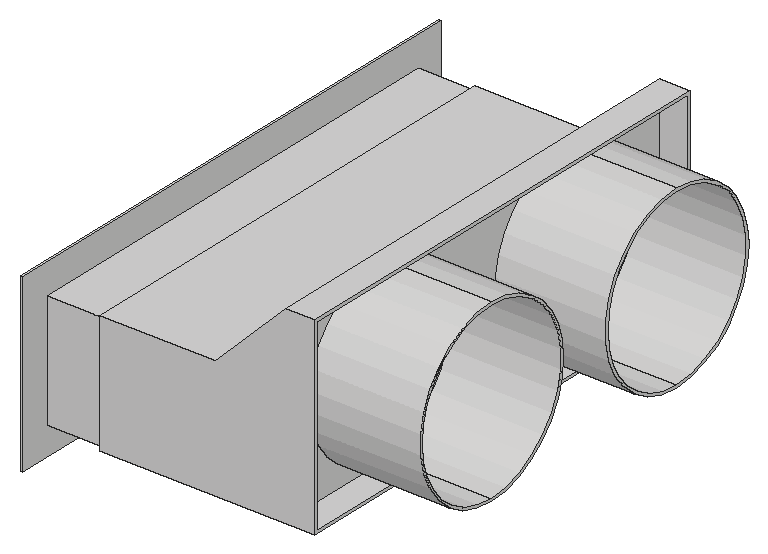
Revit family "CADS_AIRFLOWdev_AirflexPro_Round_StraightWallOutlet_Extract", category Duct Fittings, Revit 2015
Parameters (values of type "CADS_AIRFLOWdev_AirflexPro_Round_StraightWallOutlet_Extract")
  f2 [instance] = Flow - f1  # 0.0 L/s
  f1 [instance] = 0.0 L/s
  WorkingPressure = 3000.0 Pa
  WeeklyMaintenance = "N/A"
  WarrantyStartDate [instance] = "1900-12-31T23:59:163"
  WarrantyPeriod = "0"
  WarrantyIdentifier = "N/A"
  WarrantyGuarantorParts = "info@airflow.com"
  WarrantyGuarantorLabor = "info@airflow.com"
  WarrantyGuarantor = "Airflow Developments Ltd"
  WarrantyEndDate [instance] = "1900-12-31T23:59:163"
  WarrantyContent = "N/A"
  Uniclass2015 = "Pr_30_59_96_92:Ventilation ducts"
  URL = ""
  Type Comments = ""
  TemperatureRange = "up to 40°C"
  TagNumber [instance] = "N/A"
  SustainabilityPerformance = "N/A"
  Status = "New"
  Size = "220-260 x 210 x 88"
  ShippingWeight = 1.08 kg
  Shape = "Rectangular"
  ServiceLifeType = "EXPECTEDSERVICELIFE"
  ServiceLifeDuration = "10"
  SerialNumber [instance] = "N/A"
  SAPApproval = yes
  RunID [instance] = "0"  # constant formula
  ReplacementCost = "87.024"
  Reinforcement = "N/A"
  RedDotDesignAward = no
  QuarterlyMaintenance = "N/A"
  Quantity = 1
  ProductionYear = "2017"
  ProductLiterature = "https://www.airflow.com/pdf/Accessories.pdf#page=3"
  PointOfContact = "Airflow Developments Ltd"
  PassiveHouseApproval = no
  NominalWidth = 210 mm
  NominalLength = 260 mm
  NominalHeight = 88 mm
  NBSCode = "45-80-50/394 Ventilation ducts"
  MonthlyMaintenance = "N/A"
  ModelReference [instance] = "9041143"
  ModelLabel [instance] = "Straight wall-outlet 200 x 50mm For use with  9041175"
  Model = ""
  Material = "Steel"
  ManufacturerWebsite = "www.airflow.com"
  ManufacturerTelephone = "01494 525252"
  ManufacturerE-Mail = "info@airflow.com"
  ManufacturerAddress = "Aidelle House\nLancaster Road\nCressex Business Park\nHigh Wycombe\nBucks\nHP123QP"
  Manufacturer = "Airflow Developments Ltd"
  MaintenanceRequired8001to12000hrs = "N/A"
  MaintenanceRequired601to1000hrs = "N/A"
  MaintenanceRequired4001to8000hrs = "N/A"
  MaintenanceRequired301to600hrs = "N/A"
  MaintenanceRequired2001to4000hrs = "N/A"
  MaintenanceRequired1001to2000hrs = "N/A"
  MaintenanceRequired0to300hrs = "N/A"
  LongitudinalSeam = "None"
  Keynote = ""
  IsExtendedWarranty = no
  InstallationDate [instance] = "1900-12-31T23:59:163"
  ISO90001 = yes
  ISO140001 = yes
  GrossWeight = 0.90 kg
  Grade = "Stainless"
  GlobalTradeItemNumber [instance] = "5019009305776"
  Flow [instance] = 0.0 L/s
  Fitting Type = "Ignore"
  FireControlPanelLinks = no
  Finish = "Lacquer"
  Features = "Straight wall-outlet 200 x 50mm For use with  9041175"
  ExpectedServiceLife = 10
  Exclusions = "N/A"
  DurationUnit = "Year"
  DailyMaintenance = "N/A"
  Constituents = "Straight wall-outlet 200 x 50mm For use with  9041175"
  Color = "Silver"
  CodePerformance = "N/A"
  CEApproval = yes
  BespokeTimeFrameMaintenance = "N/A"
  AssetType = "FIXED"
  AssetIdentifier [instance] = "N/A"
  AssemblyPlace = "UNKNOWN"
  ArticleNumber [instance] = "N/A"
  AnnualMaintenance = "N/A"
  AirflowRateRange = 18.0 L/s
  AdjustCheck [instance] = if(AdjustableLength > 100 mm, 100 mm, AdjustableLength)  # 25 mm
  AdjustableLength [instance] = 25 mm
  CADS_Index = 0
  Body = CADS_AIRFLOWdev_SteelGalvanized
  AccessibilityPerformance = "N/A"
  6MonthlyMaintenance = "Visually inspect system, clean the fan and ducting if necessary"
Types (2, lengths in mm): name | RedDotDesignAward | PassiveHouseApproval | NominalWidth | NominalLength | NominalHeight | IsExtendedWarranty | FireControlPanelLinks
  (no name) | yes | yes | 0 | 0 | 0 | yes | yes
  CADS_AIRFLOWdev_AirflexPro_Round_StraightWallOutlet_Extract | no | no | 210 | 260 | 88 | no | no
Values of the unnamed type that differ from the named types
  WorkingPressure = 0.0 Pa
  WeeklyMaintenance = ""
  WarrantyStartDate = ""
  WarrantyPeriod = ""
  WarrantyIdentifier = ""
  WarrantyGuarantorParts = ""
  WarrantyGuarantorLabor = ""
  WarrantyGuarantor = ""
  WarrantyEndDate = ""
  WarrantyContent = ""
  Uniclass2015 = ""
  TemperatureRange = ""
  TagNumber = ""
  SustainabilityPerformance = ""
  Status = ""
  Size = ""
  ShippingWeight = 0.00 kg
  Shape = ""
  ServiceLifeType = ""
  ServiceLifeDuration = ""
  SerialNumber = ""
  ReplacementCost = ""
  Reinforcement = ""
  QuarterlyMaintenance = ""
  ProductionYear = ""
  ProductLiterature = ""
  PointOfContact = ""
  NBSCode = ""
  MonthlyMaintenance = ""
  ModelReference = ""
  ModelLabel = ""
  Material = ""
  ManufacturerWebsite = ""
  ManufacturerTelephone = ""
  ManufacturerE-Mail = ""
  ManufacturerAddress = ""
  MaintenanceRequired8001to12000hrs = ""
  MaintenanceRequired601to1000hrs = ""
  MaintenanceRequired4001to8000hrs = ""
  MaintenanceRequired301to600hrs = ""
  MaintenanceRequired2001to4000hrs = ""
  MaintenanceRequired1001to2000hrs = ""
  MaintenanceRequired0to300hrs = ""
  LongitudinalSeam = ""
  InstallationDate = ""
  GrossWeight = 0.00 kg
  Grade = ""
  GlobalTradeItemNumber = ""
  Fitting Type = ""
  Finish = ""
  Features = ""
  ExpectedServiceLife = 0
  Exclusions = ""
  DurationUnit = ""
  DailyMaintenance = ""
  Constituents = ""
  Color = ""
  CodePerformance = ""
  BespokeTimeFrameMaintenance = ""
  AssetType = ""
  AssetIdentifier = ""
  AssemblyPlace = ""
  ArticleNumber = ""
  AnnualMaintenance = ""
  AirflowRateRange = 0.0 L/s
  AccessibilityPerformance = ""
  6MonthlyMaintenance = ""
Reference planes
  plane 1 "Center (Front/Back)": y = 0
  plane 2: z = 0
  plane 3 "Center (Left/Right)": x = 1.5
  plane 4: x = 76.5
  plane 5: x = 26.5
  plane 6: x = 106.5
  plane 7: x = 119.2
  plane 8: z = 56.87
  plane 9: z = -26
  plane 10: z = 26
Forms (mm)
  Sweep 1, solid, material "CADS_AIRFLOWdev_SteelGalvanized" <- "Body"
    path origin (1.5, 0, 0) x (0, -1, 0) y (0, 0, -1)
      loop
        line (-100, -25) -> (100, -25) -> (100, 25) -> (-100, 25) -> (-100, -25)
    profile origin (1.5, 0, 25) x (0, 0, -1) y (1, 0, 0)
      loop
        line (-12.7, 0) -> (1, 0) -> (1, 75) -> (0, 75) -> (0, 1.082) -> (-12.7, 1.082) -> (-12.7, 0)
  Extrusion 2, solid, material "CADS_AIRFLOWdev_SteelGalvanized" <- "Body"
    sketch origin (0, 0, 0) x (1, 0, 0) y (0, 0, 1)
      loop
        line (26.5, 26) -> (26.5, -26) -> (119.2, -26) -> (119.2, 56.87) -> (106.5, 56.87) -> (76.5, 26) -> (26.5, 26)
    from -101 to 101
  Extrusion 3, void
    sketch origin (119.2, 0, 56.87) x (0, 0, -1) y (0, 1, 0)
      loop
        line (1, -100) -> (81.87, -100) -> (81.87, 100) -> (1, 100) -> (1, -100)
    from -12.7 to 0
  Extrusion 4, solid, material "CADS_AIRFLOWdev_SteelGalvanized" <- "Body"
    sketch origin (106.5, 0, 56.87) x (0, 0, -1) y (0, 1, 0)
      loop
        circle (41.435, -50) r 37.5
      loop
        circle (41.435, 50) r 37.5
      loop
        circle (41.435, -50) r 38.5
      loop
        circle (41.435, 50) r 38.5
    from 0 to 48
Cuts and joins
  Extrusion 3 cuts Extrusion 2
  joined: Extrusion 2, Extrusion 4
Dimensions and locks
  locked: plane 7 to plane 6 at 12.7
  plane 6 to plane 4 = 30 mm
  locked: plane 4 to plane 5 at 50
  equal spacing: cut or joined group of Extrusion 2, Extrusion 3, Extrusion 4, Extrusion 4 sketch curve, cut or joined group of Extrusion 2, Extrusion 3, Extrusion 4  (x2)
  Extrusion 4 sketch curve to plane 1 "Center (Front/Back)" to Extrusion 4 sketch curve = 50 mm, 50 mm
  "AdjustCheck": plane 3 "Center (Left/Right)" to plane 5
  aligned and locked: level to plane 2
  aligned and locked: plane 4 to Sweep 1 sketch curve
  aligned and locked: Extrusion 2 sketch curve to plane 7
  aligned and locked: Extrusion 2 sketch curve to plane 8
  aligned and locked: plane 9 to Extrusion 2 sketch curve
  aligned and locked: plane 5 to Extrusion 2 sketch curve
Automatic sketch dimensions
  plane 9 to Sweep 1 sketch curve = 1 mm
  Sweep 1 sketch curve to plane 1 "Center (Front/Back)" = 100 mm
  plane 1 "Center (Front/Back)" to Sweep 1 sketch curve = 100 mm
  Sweep 1 sketch curve to plane 10 = 1 mm
  Sweep 1 sketch curve to profile plane = 0 mm  (x2)
  profile plane to Sweep 1 sketch curve = 12.7 mm
  Sweep 1 sketch curve to profile plane = 1 mm
  profile plane to Sweep 1 sketch curve = 1.082 mm
  Extrusion 2 sketch curve to plane 4 = 0 mm
  Extrusion 2 sketch curve to plane 6 = 0 mm
  Extrusion 2 sketch curve to plane 10 = 0 mm
  Extrusion 3 sketch curve to Extrusion 2 = 1 mm
  Extrusion 2 to Extrusion 3 sketch curve = 1 mm  (x3)
  Extrusion 4 sketch curve to Extrusion 4 sketch curve = 0 mm  (x4)
  radius of Extrusion 4 sketch curve = 37.5 mm  (x2)
  radius of Extrusion 4 sketch curve = 38.5 mm  (x2)
Connectors
  hvac at (106.5, 50, 15.435), driven by "f1"
    settings: on cut or joined group of Extrusion 2, Extrusion 3, Extrusion 4, index 1, duct flow 0.0 L/s, flow factor 0, pres drop 0.0 Pa, loss coef 0, conn angle 0.00°, conn width 304.8 mm, conn height 304.8 mm, conn diameter 75 mm, duct sys type 2, conn prof type 0, flow config 0, flow direction 2, loss method 0, conn ref index -1, conn util no, is conn primary no, conn desc ""
  hvac at (106.5, -50, 15.435), driven by "f2"
    settings: on cut or joined group of Extrusion 2, Extrusion 3, Extrusion 4, index 2, duct flow 0.0 L/s, flow factor 0, pres drop 0.0 Pa, loss coef 0, conn angle 0.00°, conn width 304.8 mm, conn height 304.8 mm, conn diameter 75 mm, duct sys type 2, conn prof type 0, flow config 0, flow direction 2, loss method 0, conn ref index -1, conn util no, is conn primary no, conn desc ""
  hvac at (1.5, 0, 0), driven by "Flow"
    settings: on Sweep 1, index 3, duct flow 0.0 L/s, flow factor 0, pres drop 0.0 Pa, loss coef 0, conn angle 0.00°, conn width 204 mm, conn height 60 mm, conn diameter 609.6 mm, duct sys type 2, conn prof type 1, flow config 0, flow direction 1, loss method 0, conn ref index -1, conn util no, is conn primary yes, conn desc ""
